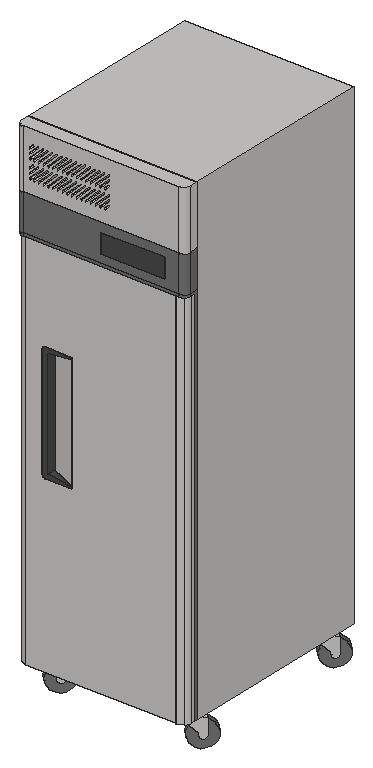
Revit family "QF_Turbo Air_M3R19-13f5e5378-f640-472c-a4c6-fc6b5b241601", category Specialty Equipment, Revit 2012
Parameters (values of type "M3R19-1")
  Width = 25 1/4"
  Weight in Pounds = 194
  Watermarked By = "http://revitwatermark.com"
  Volts = 115 V
  URL Cutsheet = ""
  URL = ""
  Status [instance] = ""
  Specification by User [instance] = ""
  Specification by Manufacturer [instance] = ""
  Serial Number [instance] = ""
  Right Hinge [instance] = not(Left Hinge)  # yes
  Revision Code [instance] = ""
  Phase = 1
  Number of Poles [instance] = 1
  NAFEM Spec ID Number [instance] = ""
  Model = "M3R19-1"
  Masterspec [instance] = ""
  Manufacturer = "Turbo Air"  # constant formula
  Legs [instance] = [6 Inch Legs]  # no
  Left Hinge [instance] = no
  Item Number [instance] = "-"
  Installed By [instance] = ""
  HP = "1/4"
  Furnished By [instance] = ""
  Foodservice Equipment Identifier = yes
  FL Amps = 4.2 A
  Electrical Remarks [instance] = ""
  Electric Connection Type [instance] = ""
  Elec Conn RI Height [instance] = 0"
  Elec Conn Connection Height = 77 7/8"
  Door Width = 23 1/2"
  Door Height = 57 3/8"
  Description = "Refrigerator, Reach-In"
  Depth = 31 1/2"
  Cycle = 60 Hz
  Conn Plug = "NEMA 5-15P"
  Casters [instance] = or([4 Inch Casters], [5 Inch Casters])  # yes
  CasterLeg Height [instance] = if([4 Inch Casters], 5", if([5 Inch Casters], 5 3/4", 6"))  # 5"
  Cabinet Height = 72 1/8"
  CSI MasterFormat = "11 41 13"
  Assembly Code = "E1090320"
  Apparent Power = if(Phase = 1, Volts * FL Amps * 1.73, Volts * FL Amps)  # 835.59 VA
  6 Inch Legs [instance] = no
  5 Inch Casters [instance] = no
  4 Inch Casters [instance] = yes
Reference planes (in)
  plane 1 "BACK": y = 0.75
  plane 2 "BOTTOM": z = 0
  plane 3 "LEFT": x = -21.59155
  plane 4 "RIGHT": x = 3.65845
  plane 5 "FRONT": y = -30.75
  plane 6 "TOP": z = 77.125
  plane 7 "Bottom of Box": z = 5
  plane 8 "Back of Door": y = -28.5
  plane 9 "Bottom of Top Reach-In": z = 62.75
  plane 10: y = 0.5
  plane 11 "Top 2": z = 68.25
  plane 12: z = 62.375
  plane 13: y = -54.25
  plane 14: y = 2.75
  plane 15: x = -18.59155
  plane 16: x = 0.65845
Forms (in)
  Extrusion 1, solid, material "QF_Finishes_Stainless Steel"
    sketch origin (0, 0.75, 0) x (1, 0, 0) y (0, 0, 1)
      loop
        circle (-17.71449, 64.9977) r 0.25
    from 0 to -0.25
  Extrusion 2, solid, material "QF_Finishes_Stainless Steel"
    sketch origin (0, 0.75, 0) x (1, 0, 0) y (0, 0, 1)
      loop
        line (-21.59155, 77.125) -> (-21.59155, 5) -> (3.65845, 5) -> (3.65845, 77.125) -> (-21.59155, 77.125)
      loop
        line (-19.59155, 7) -> (1.65845, 7) -> (1.65845, 75.125) -> (-19.59155, 75.125) -> (-19.59155, 7)
    from 0 to 29.25
  Extrusion 3, solid, material "QF_Finishes_Stainless Steel"
    sketch origin (0, 0.75, 0) x (1, 0, 0) y (0, 0, 1)
      loop
        line (-19.59155, 75.125) -> (-19.59155, 7) -> (1.65845, 7) -> (1.65845, 75.125) -> (-19.59155, 75.125)
    from 0 to 0.25
  Extrusion 4, solid, material "QF_Finishes_Stainless Steel"
    sketch origin (0, 0, 77.125) x (0, 1, 0) y (-1, 0, 0)
      loop
        line (-28.5, 21.59155) -> (-29.75, 21.59155)
        arc (-29.75, 21.59155) -> (-30.45711, 21.29865) -> (-30.75, 20.59155) r 1
        line (-30.75, 20.59155) -> (-30.75, -2.65845)
        arc (-30.75, -2.65845) -> (-30.45711, -3.36556) -> (-29.75, -3.65845) r 1
        line (-29.75, -3.65845) -> (-28.5, -3.65845) -> (-28.5, 21.59155)
    from 0 to -8.875
  Extrusion 5, solid, material "QF_Finishes_Grey"
    sketch origin (0, 0, 68.25) x (-1, 0, 0) y (0, -1, 0)
      loop
        line (21.59155, 28.5) -> (21.59155, 29.75)
        arc (21.59155, 29.75) -> (21.29865, 30.45711) -> (20.59155, 30.75) r 1
        line (20.59155, 30.75) -> (-2.65845, 30.75)
        arc (-2.65845, 30.75) -> (-3.36556, 30.45711) -> (-3.65845, 29.75) r 1
        line (-3.65845, 29.75) -> (-3.65845, 28.5) -> (21.59155, 28.5)
    from 0 to -5.5
  Extrusion 6, void
    sketch origin (0, -28.5, 0) x (1, 0, 0) y (0, 0, 1)
      loop
        line (-8.96655, 66.9375) -> (-8.96655, 64.0625) -> (0.53345, 64.0625) -> (0.53345, 66.9375) -> (-8.96655, 66.9375)
    from 0 to 2.25
  Extrusion 7, solid, material "QF_Finishes_Black"
    sketch origin (0, -28.5, 0) x (1, 0, 0) y (0, 0, 1)
      loop
        line (-8.96655, 66.9375) -> (-8.96655, 64.0625) -> (0.53345, 64.0625) -> (0.53345, 66.9375) -> (-8.96655, 66.9375)
    from 0 to 2.25
  Extrusion 8, void
    sketch origin (0, -28.5, 0) x (1, 0, 0) y (0, 0, 1)
      loop
        arc (-19.56048, 74.65607) -> (-19.55502, 74.48475) -> (-19.3837, 74.47929) r 0.12525
        line (-19.3837, 74.47929) -> (-18.94347, 74.91952)
        arc (-18.94347, 74.91952) -> (-18.95152, 75.08825) -> (-19.12025, 75.09629) r 0.12557
        line (-19.12025, 75.09629) -> (-19.56048, 74.65607)
      loop
        arc (-19.5641, 73.94534) -> (-19.55497, 73.77769) -> (-19.38733, 73.76856) r 0.12574
        line (-19.38733, 73.76856) -> (-18.24395, 74.91194)
        arc (-18.24395, 74.91194) -> (-18.24332, 75.0885) -> (-18.41988, 75.08956) r 0.125
        line (-18.41988, 75.08956) -> (-19.5641, 73.94534)
      loop
        arc (-19.56656, 73.23577) -> (-19.55579, 73.06976) -> (-19.38979, 73.05899) r 0.12606
        line (-19.38979, 73.05899) -> (-17.52426, 74.92452)
        arc (-17.52426, 74.92452) -> (-17.53336, 75.09219) -> (-17.70104, 75.10129) r 0.12574
        line (-17.70104, 75.10129) -> (-19.56656, 73.23577)
      loop
        arc (-18.96014, 73.13509) -> (-18.94768, 72.97076) -> (-18.78336, 72.95831) r 0.12644
        line (-18.78336, 72.95831) -> (-16.82198, 74.9197)
        arc (-16.82198, 74.9197) -> (-16.83187, 75.08658) -> (-16.99875, 75.09647) r 0.12588
        line (-16.99875, 75.09647) -> (-18.96014, 73.13509)
      loop
        arc (-18.25154, 73.13658) -> (-18.24759, 72.96375) -> (-18.07476, 72.95981) r 0.12513
        line (-18.07476, 72.95981) -> (-16.11561, 74.91895)
        arc (-16.11561, 74.91895) -> (-16.12836, 75.08298) -> (-16.29239, 75.09573) r 0.12652
        line (-16.29239, 75.09573) -> (-18.25154, 73.13658)
      loop
        arc (-17.54144, 73.13957) -> (-17.52997, 72.97427) -> (-17.36466, 72.96279) r 0.12621
        line (-17.36466, 72.96279) -> (-15.40203, 74.92543)
        arc (-15.40203, 74.92543) -> (-15.41616, 75.08808) -> (-15.57881, 75.10221) r 0.1269
        line (-15.57881, 75.10221) -> (-17.54144, 73.13957)
      loop
        arc (-16.83033, 73.14358) -> (-16.8182, 72.9668) -> (-16.64143, 72.97892) r 0.12529
        line (-16.64143, 72.97892) -> (-14.69617, 74.92419)
        arc (-14.69617, 74.92419) -> (-14.7091, 75.08803) -> (-14.87294, 75.10096) r 0.12657
        line (-14.87294, 75.10096) -> (-16.83033, 73.14358)
      loop
        arc (-16.12322, 73.14358) -> (-16.11737, 72.97266) -> (-15.94644, 72.9668) r 0.12529
        line (-15.94644, 72.9668) -> (-13.98906, 74.92419)
        arc (-13.98906, 74.92419) -> (-14.00199, 75.08803) -> (-14.16584, 75.10096) r 0.12657
        line (-14.16584, 75.10096) -> (-16.12322, 73.14358)
      loop
        arc (-15.41611, 73.14358) -> (-15.41026, 72.97266) -> (-15.23934, 72.9668) r 0.12529
        line (-15.23934, 72.9668) -> (-13.28195, 74.92419)
        arc (-13.28195, 74.92419) -> (-13.29489, 75.08803) -> (-13.45873, 75.10096) r 0.12657
        line (-13.45873, 75.10096) -> (-15.41611, 73.14358)
      loop
        arc (-14.70901, 73.14358) -> (-14.70315, 72.97266) -> (-14.53223, 72.9668) r 0.12529
        line (-14.53223, 72.9668) -> (-12.57484, 74.92419)
        arc (-12.57484, 74.92419) -> (-12.58778, 75.08803) -> (-12.75162, 75.10096) r 0.12657
        line (-12.75162, 75.10096) -> (-14.70901, 73.14358)
      loop
        arc (-14.0019, 73.14358) -> (-13.99605, 72.97266) -> (-13.82512, 72.9668) r 0.12529
        line (-13.82512, 72.9668) -> (-11.86774, 74.92419)
        arc (-11.86774, 74.92419) -> (-11.88067, 75.08803) -> (-12.04451, 75.10096) r 0.12657
        line (-12.04451, 75.10096) -> (-14.0019, 73.14358)
      loop
        arc (-13.29479, 73.14358) -> (-13.28894, 72.97266) -> (-13.11801, 72.9668) r 0.12529
        line (-13.11801, 72.9668) -> (-11.16063, 74.92419)
        arc (-11.16063, 74.92419) -> (-11.17357, 75.08803) -> (-11.33741, 75.10096) r 0.12657
        line (-11.33741, 75.10096) -> (-13.29479, 73.14358)
      loop
        arc (-12.58768, 73.14358) -> (-12.58183, 72.97266) -> (-12.41091, 72.9668) r 0.12529
        line (-12.41091, 72.9668) -> (-10.45352, 74.92419)
        arc (-10.45352, 74.92419) -> (-10.46646, 75.08803) -> (-10.6303, 75.10096) r 0.12657
        line (-10.6303, 75.10096) -> (-12.58768, 73.14358)
      loop
        arc (-11.88058, 73.14358) -> (-11.87472, 72.97266) -> (-11.7038, 72.9668) r 0.12529
        line (-11.7038, 72.9668) -> (-9.74642, 74.92419)
        arc (-9.74642, 74.92419) -> (-9.75935, 75.08803) -> (-9.92319, 75.10096) r 0.12657
        line (-9.92319, 75.10096) -> (-11.88058, 73.14358)
      loop
        arc (-11.17347, 73.14358) -> (-11.16762, 72.97266) -> (-10.99669, 72.9668) r 0.12529
        line (-10.99669, 72.9668) -> (-9.03931, 74.92419)
        arc (-9.03931, 74.92419) -> (-9.05225, 75.08803) -> (-9.21609, 75.10096) r 0.12657
        line (-9.21609, 75.10096) -> (-11.17347, 73.14358)
      loop
        arc (-10.46636, 73.14358) -> (-10.46051, 72.97266) -> (-10.28959, 72.9668) r 0.12529
        line (-10.28959, 72.9668) -> (-8.3322, 74.92419)
        arc (-8.3322, 74.92419) -> (-8.34514, 75.08803) -> (-8.50898, 75.10096) r 0.12657
        line (-8.50898, 75.10096) -> (-10.46636, 73.14358)
      loop
        arc (-9.75926, 73.14358) -> (-9.7534, 72.97266) -> (-9.58248, 72.9668) r 0.12529
        line (-9.58248, 72.9668) -> (-7.6251, 74.92419)
        arc (-7.6251, 74.92419) -> (-7.63803, 75.08803) -> (-7.80187, 75.10096) r 0.12657
        line (-7.80187, 75.10096) -> (-9.75926, 73.14358)
      loop
        arc (-9.05574, 73.13999) -> (-9.04529, 72.97367) -> (-8.87896, 72.96322) r 0.12599
        line (-8.87896, 72.96322) -> (-7.61765, 74.22453)
        arc (-7.61765, 74.22453) -> (-7.62642, 74.39254) -> (-7.79442, 74.40131) r 0.12568
        line (-7.79442, 74.40131) -> (-9.05574, 73.13999)
      loop
        arc (-8.34863, 73.13999) -> (-8.33818, 72.97367) -> (-8.17185, 72.96322) r 0.12599
        line (-8.17185, 72.96322) -> (-7.61765, 73.51742)
        arc (-7.61765, 73.51742) -> (-7.62642, 73.68543) -> (-7.79442, 73.6942) r 0.12568
        line (-7.79442, 73.6942) -> (-8.34863, 73.13999)
      loop
        arc (-19.56048, 71.96857) -> (-19.55502, 71.79725) -> (-19.3837, 71.79179) r 0.12525
        line (-19.3837, 71.79179) -> (-18.94347, 72.23202)
        arc (-18.94347, 72.23202) -> (-18.95152, 72.40075) -> (-19.12025, 72.40879) r 0.12557
        line (-19.12025, 72.40879) -> (-19.56048, 71.96857)
      loop
        arc (-19.5641, 71.25784) -> (-19.55497, 71.09019) -> (-19.38733, 71.08106) r 0.12574
        line (-19.38733, 71.08106) -> (-18.24395, 72.22444)
        arc (-18.24395, 72.22444) -> (-18.24332, 72.401) -> (-18.41988, 72.40206) r 0.125
        line (-18.41988, 72.40206) -> (-19.5641, 71.25784)
      loop
        arc (-19.56656, 70.54827) -> (-19.55579, 70.38226) -> (-19.38979, 70.37149) r 0.12606
        line (-19.38979, 70.37149) -> (-17.52426, 72.23702)
        arc (-17.52426, 72.23702) -> (-17.53336, 72.40469) -> (-17.70104, 72.41379) r 0.12574
        line (-17.70104, 72.41379) -> (-19.56656, 70.54827)
      loop
        arc (-18.96014, 70.44759) -> (-18.94768, 70.28326) -> (-18.78336, 70.27081) r 0.12644
        line (-18.78336, 70.27081) -> (-16.82198, 72.2322)
        arc (-16.82198, 72.2322) -> (-16.83187, 72.39908) -> (-16.99875, 72.40897) r 0.12588
        line (-16.99875, 72.40897) -> (-18.96014, 70.44759)
      loop
        arc (-18.25154, 70.44908) -> (-18.24759, 70.27625) -> (-18.07476, 70.27231) r 0.12513
        line (-18.07476, 70.27231) -> (-16.11561, 72.23145)
        arc (-16.11561, 72.23145) -> (-16.12836, 72.39548) -> (-16.29239, 72.40823) r 0.12652
        line (-16.29239, 72.40823) -> (-18.25154, 70.44908)
      loop
        arc (-17.54144, 70.45207) -> (-17.52997, 70.28677) -> (-17.36466, 70.27529) r 0.12621
        line (-17.36466, 70.27529) -> (-15.40203, 72.23793)
        arc (-15.40203, 72.23793) -> (-15.41616, 72.40058) -> (-15.57881, 72.41471) r 0.1269
        line (-15.57881, 72.41471) -> (-17.54144, 70.45207)
      loop
        arc (-16.83033, 70.45608) -> (-16.8182, 70.2793) -> (-16.64143, 70.29142) r 0.12529
        line (-16.64143, 70.29142) -> (-14.69617, 72.23669)
        arc (-14.69617, 72.23669) -> (-14.7091, 72.40053) -> (-14.87294, 72.41346) r 0.12657
        line (-14.87294, 72.41346) -> (-16.83033, 70.45608)
      loop
        arc (-16.12322, 70.45608) -> (-16.11737, 70.28516) -> (-15.94644, 70.2793) r 0.12529
        line (-15.94644, 70.2793) -> (-13.98906, 72.23669)
        arc (-13.98906, 72.23669) -> (-14.00199, 72.40053) -> (-14.16584, 72.41346) r 0.12657
        line (-14.16584, 72.41346) -> (-16.12322, 70.45608)
      loop
        arc (-15.41611, 70.45608) -> (-15.41026, 70.28516) -> (-15.23934, 70.2793) r 0.12529
        line (-15.23934, 70.2793) -> (-13.28195, 72.23669)
        arc (-13.28195, 72.23669) -> (-13.29489, 72.40053) -> (-13.45873, 72.41346) r 0.12657
        line (-13.45873, 72.41346) -> (-15.41611, 70.45608)
      loop
        arc (-14.70901, 70.45608) -> (-14.70315, 70.28516) -> (-14.53223, 70.2793) r 0.12529
        line (-14.53223, 70.2793) -> (-12.57484, 72.23669)
        arc (-12.57484, 72.23669) -> (-12.58778, 72.40053) -> (-12.75162, 72.41346) r 0.12657
        line (-12.75162, 72.41346) -> (-14.70901, 70.45608)
      loop
        arc (-14.0019, 70.45608) -> (-13.99605, 70.28516) -> (-13.82512, 70.2793) r 0.12529
        line (-13.82512, 70.2793) -> (-11.86774, 72.23669)
        arc (-11.86774, 72.23669) -> (-11.88067, 72.40053) -> (-12.04451, 72.41346) r 0.12657
        line (-12.04451, 72.41346) -> (-14.0019, 70.45608)
      loop
        arc (-13.29479, 70.45608) -> (-13.28894, 70.28516) -> (-13.11801, 70.2793) r 0.12529
        line (-13.11801, 70.2793) -> (-11.16063, 72.23669)
        arc (-11.16063, 72.23669) -> (-11.17357, 72.40053) -> (-11.33741, 72.41346) r 0.12657
        line (-11.33741, 72.41346) -> (-13.29479, 70.45608)
      loop
        arc (-12.58768, 70.45608) -> (-12.58183, 70.28516) -> (-12.41091, 70.2793) r 0.12529
        line (-12.41091, 70.2793) -> (-10.45352, 72.23669)
        arc (-10.45352, 72.23669) -> (-10.46646, 72.40053) -> (-10.6303, 72.41346) r 0.12657
        line (-10.6303, 72.41346) -> (-12.58768, 70.45608)
      loop
        arc (-11.88058, 70.45608) -> (-11.87472, 70.28516) -> (-11.7038, 70.2793) r 0.12529
        line (-11.7038, 70.2793) -> (-9.74642, 72.23669)
        arc (-9.74642, 72.23669) -> (-9.75935, 72.40053) -> (-9.92319, 72.41346) r 0.12657
        line (-9.92319, 72.41346) -> (-11.88058, 70.45608)
      loop
        arc (-11.17347, 70.45608) -> (-11.16762, 70.28516) -> (-10.99669, 70.2793) r 0.12529
        line (-10.99669, 70.2793) -> (-9.03931, 72.23669)
        arc (-9.03931, 72.23669) -> (-9.05225, 72.40053) -> (-9.21609, 72.41346) r 0.12657
        line (-9.21609, 72.41346) -> (-11.17347, 70.45608)
      loop
        arc (-10.46636, 70.45608) -> (-10.46051, 70.28516) -> (-10.28959, 70.2793) r 0.12529
        line (-10.28959, 70.2793) -> (-8.3322, 72.23669)
        arc (-8.3322, 72.23669) -> (-8.34514, 72.40053) -> (-8.50898, 72.41346) r 0.12657
        line (-8.50898, 72.41346) -> (-10.46636, 70.45608)
      loop
        arc (-9.75926, 70.45608) -> (-9.7534, 70.28516) -> (-9.58248, 70.2793) r 0.12529
        line (-9.58248, 70.2793) -> (-7.6251, 72.23669)
        arc (-7.6251, 72.23669) -> (-7.63803, 72.40053) -> (-7.80187, 72.41346) r 0.12657
        line (-7.80187, 72.41346) -> (-9.75926, 70.45608)
      loop
        arc (-9.05574, 70.45249) -> (-9.04529, 70.28617) -> (-8.87896, 70.27572) r 0.12599
        line (-8.87896, 70.27572) -> (-7.61765, 71.53703)
        arc (-7.61765, 71.53703) -> (-7.62642, 71.70504) -> (-7.79442, 71.71381) r 0.12568
        line (-7.79442, 71.71381) -> (-9.05574, 70.45249)
      loop
        arc (-8.34863, 70.45249) -> (-8.33818, 70.28617) -> (-8.17185, 70.27572) r 0.12599
        line (-8.17185, 70.27572) -> (-7.61765, 70.82992)
        arc (-7.61765, 70.82992) -> (-7.62642, 70.99793) -> (-7.79442, 71.0067) r 0.12568
        line (-7.79442, 71.0067) -> (-8.34863, 70.45249)
    from 0 to 2.25
  Extrusion 9, solid, material "QF_Finishes_Rubber Black"
    sketch origin (0, -28.5, 0) x (1, 0, 0) y (0, 0, 1)
      loop
        line (-21.59155, 62.375) -> (-21.59155, 5) -> (3.65845, 5) -> (3.65845, 62.375) -> (-21.59155, 62.375)
    from 0 to 0.4375
  Extrusion 10, solid, material "QF_Finishes_Rubber Black"
    sketch origin (0, 0, 62.75) x (0, 1, 0) y (-1, 0, 0)
      loop
        line (-28.5, 21.59155) -> (-29.75, 21.59155)
        arc (-29.75, 21.59155) -> (-30.45711, 21.29865) -> (-30.75, 20.59155) r 1
        line (-30.75, 20.59155) -> (-30.75, -2.65845)
        arc (-30.75, -2.65845) -> (-30.45711, -3.36556) -> (-29.75, -3.65845) r 1
        line (-29.75, -3.65845) -> (-28.5, -3.65845) -> (-28.5, 21.59155)
    from 0 to -0.375
  Extrusion 11, solid, material "QF_Finishes_Polished Steel"
    sketch origin (-21.59155, 0, 0) x (0, 1, 0) y (0, 0, 1)
      loop
        line (0.75, 69.98017) -> (0.75, 53.73017) -> (2.75, 55.48017) -> (2.75, 68.23017) -> (0.75, 69.98017)
    from 3 to 22.25
Cuts and joins
  joined: Extrusion 2, Extrusion 3
  Extrusion 6 cuts Extrusion 5
  Extrusion 8 cuts Extrusion 4
  joined: Extrusion 9, Extrusion 10
Lines and regions (in)
  symbolic lines
    curve 1: line (3.65845, 0.75, 6.25) -> (-21.59155, 0.75, 6.25)
    curve 2: line (-21.59155, 0.75, 6.25) -> (-21.59155, -28.5, 6.25)
    curve 3: line (3.65845, -28.5, 6.25) -> (3.65845, 0.75, 6.25)
    curve 4: line (3.65845, -29.75, 6.25) -> (3.65845, -28.5, 6.25)
    curve 5: arc (3.65845, -29.75, 6.25) -> (3.36556, -30.45711, 6.25) -> (2.65845, -30.75, 6.25) r 1
    curve 6: line (-20.59155, -30.75, 6.25) -> (2.65845, -30.75, 6.25)
    curve 7: arc (-20.59155, -30.75, 6.25) -> (-21.29865, -30.45711, 6.25) -> (-21.59155, -29.75, 6.25) r 1
    curve 8: line (-21.59155, -28.5, 6.25) -> (-21.59155, -29.75, 6.25)
    curve 15: line (-18.59155, 0.75, 62.75) -> (-18.59155, 2.75, 62.75)
    curve 16: line (-18.59155, 2.75, 62.75) -> (0.65845, 2.75, 62.75)
    curve 17: line (0.65845, 2.75, 62.75) -> (0.65845, 0.75, 62.75)
  symbolic lines, style "QF_Surface Details"
    curve 9: line (-21.59155, -28.5, 6.25) -> (3.65845, -28.5, 6.25)
  symbolic lines, style "QF_Clearances", visible <- "Right Hinge", detail levels coarse
    curve 10: line (3.65845, -30.75, 62.75) -> (3.65845, -54.25, 62.75)
    curve 12: arc (3.65845, -54.25, 62.75) -> (-13.15313, -46.99836, 62.75) -> (-21.59155, -30.75, 62.75) r 27.27488
  symbolic lines, style "QF_Clearances", detail levels medium+fine
    curve 11: line (3.65845, -30.75, 62.75) -> (-21.59155, -30.75, 62.75)
  symbolic lines, style "QF_Clearances", visible <- "Left Hinge", detail levels coarse
    curve 13: line (-21.59155, -30.75, 62.75) -> (-21.59155, -54.25, 62.75)
    curve 14: arc (-21.59155, -54.25, 62.75) -> (-4.77996, -46.99836, 62.75) -> (3.65845, -30.75, 62.75) r 27.27488
Dimensions and locks (in)
  "Width": plane 4 "RIGHT" to plane 3 "LEFT"
  "Depth": plane 5 "FRONT" to plane 1 "BACK"
  "CasterLeg Height": plane 7 "Bottom of Box" to level
  locked: plane 3 "LEFT" to nested 1 at 2
  locked: nested 1 to plane 1 "BACK" at 3
  locked: nested 2 to plane 4 "RIGHT" at 2
  locked: nested 2 to plane 1 "BACK" at 3
  locked: plane 3 "LEFT" to nested 3 at 2
  locked: nested 4 to plane 4 "RIGHT" at 2
  "Cabinet Height": plane 6 "TOP" to plane 7 "Bottom of Box"
  locked: Extrusion 2 sketch curve to Extrusion 2 sketch curve at 2  (x4)
  locked: plane 5 "FRONT" to nested 3 at 3.75
  locked: plane 5 "FRONT" to nested 4 at 3.75
  locked: Extrusion 6 sketch curve to plane 4 "RIGHT" at 3.125
  locked: Extrusion 6 sketch curve to Extrusion 6 sketch curve at 9.5
  locked: Extrusion 7 sketch curve to plane 4 "RIGHT" at 3.125
  locked: Extrusion 7 sketch curve to Extrusion 7 sketch curve at 9.5
  locked: plane 11 "Top 2" to Extrusion 7 sketch curve at 1.3125
  locked: Extrusion 7 sketch curve to plane 9 "Bottom of Top Reach-In" at 1.3125
  locked: plane 11 "Top 2" to Extrusion 6 sketch curve at 1.3125
  locked: Extrusion 6 sketch curve to plane 9 "Bottom of Top Reach-In" at 1.3125
  locked: plane 6 "TOP" to plane 11 "Top 2" at 8.875
  locked: plane 9 "Bottom of Top Reach-In" to plane 12 at 0.375
  "Door Height": plane 12 to plane 7 "Bottom of Box"
  "Door Width": plane 13 to plane 5 "FRONT"
  locked: plane 5 "FRONT" to plane 8 "Back of Door" at 2.25
  locked: plane 10 to plane 1 "BACK" at 0.25
  locked: plane 3 "LEFT" to plane 15 at 3
  locked: plane 16 to plane 4 "RIGHT" at 3
  locked: plane 14 to plane 1 "BACK" at 2
  aligned and locked: level to plane 2 "BOTTOM"
  aligned and locked: Extrusion 2 sketch curve to plane 4 "RIGHT"
  aligned and locked: plane 10 to Extrusion 3
  aligned and locked: plane 8 "Back of Door" to Extrusion 2
  aligned and locked: Extrusion 3 sketch curve to Extrusion 2  (x2)
  aligned and locked: Extrusion 2 to Extrusion 3 sketch curve
  aligned and locked: Extrusion 4 sketch curve to curve 9
  aligned and locked: Extrusion 4 sketch curve to curve 2
  aligned and locked: Extrusion 4 sketch curve to plane 5 "FRONT"
  aligned and locked: Extrusion 4 sketch curve to plane 4 "RIGHT"
  aligned and locked: Extrusion 5 sketch curve to curve 9
  aligned and locked: Extrusion 5 sketch curve to curve 2
  aligned and locked: Extrusion 5 sketch curve to plane 5 "FRONT"
  aligned and locked: Extrusion 5 sketch curve to plane 4 "RIGHT"
  aligned and locked: Extrusion 5 to plane 9 "Bottom of Top Reach-In"
  aligned and locked: plane 5 "FRONT" to Extrusion 6
  aligned and locked: plane 5 "FRONT" to Extrusion 7
  aligned and locked: plane 7 "Bottom of Box" to Extrusion 2 sketch curve
  aligned and locked: Extrusion 3 sketch curve to cut or joined group of Extrusion 2, Extrusion 3
  aligned and locked: Extrusion 4 to plane 11 "Top 2"
  aligned and locked: plane 5 "FRONT" to Extrusion 8
  aligned and locked: nested 5 to plane 7 "Bottom of Box"
  aligned and locked: Extrusion 9 sketch curve to nested 5
  aligned and locked: Extrusion 9 sketch curve to cut or joined group of Extrusion 2, Extrusion 3
  aligned and locked: Extrusion 9 sketch curve to plane 12
  aligned and locked: Extrusion 10 sketch curve to curve 9
  aligned and locked: Extrusion 10 sketch curve to curve 2
  aligned and locked: Extrusion 10 sketch curve to nested 5  (x2)
  aligned and locked: Extrusion 10 to plane 12
  aligned and locked: plane 5 "FRONT" to nested 5  (x2)
  aligned and locked: Extrusion 9 to nested 5
  aligned and locked: curve 10 to plane 4 "RIGHT"
  aligned and locked: plane 7 "Bottom of Box" to nested 6
  aligned and locked: nested 6 to plane 12
  aligned and locked: plane 4 "RIGHT" to nested 6
  aligned and locked: plane 3 "LEFT" to nested 5
  aligned and locked: plane 13 to curve 14
  aligned and locked: plane 13 to curve 12
  aligned and locked: plane 1 "BACK" to Extrusion 11 sketch curve
  aligned and locked: plane 16 to Extrusion 11
  aligned and locked: Extrusion 11 to plane 15
Automatic sketch dimensions
  Extrusion 2 sketch curve to plane 3 "LEFT" = 0"
  Extrusion 2 sketch curve to plane 6 "TOP" = 0"
  plane 5 "FRONT" to curve 7 = 0"
  curve 8 to plane 3 "LEFT" = 0"
  curve 4 to plane 4 "RIGHT" = 0"
  plane 8 "Back of Door" to curve 8 = 0"
  plane 1 "BACK" to curve 2 = 0"
  plane 3 "LEFT" to curve 7 = 1"
  curve 4 to plane 5 "FRONT" = 1"
  plane 3 "LEFT" to Extrusion 1 sketch curve = 3.87706"
  plane 9 "Bottom of Top Reach-In" to Extrusion 1 sketch curve = 2.2477"
  Extrusion 4 sketch curve to plane 5 "FRONT" = 1"  (x2)
  Extrusion 5 sketch curve to plane 4 "RIGHT" = 1"
  plane 3 "LEFT" to Extrusion 5 sketch curve = 1"
  plane 3 "LEFT" to Extrusion 8 sketch curve = 2.02498"  (x2)
  Extrusion 8 sketch curve to Extrusion 8 sketch curve = 0.00246"  (x2)
  Extrusion 8 sketch curve to Extrusion 8 sketch curve = 0.00362"  (x2)
  Extrusion 8 sketch curve to Extrusion 8 sketch curve = 0.0999"  (x4)
  Extrusion 8 sketch curve to Extrusion 8 sketch curve = 0.09403"  (x4)
  Extrusion 8 sketch curve to Extrusion 8 sketch curve = 0.09804"  (x4)
  Extrusion 8 sketch curve to Extrusion 8 sketch curve = 0.07687"  (x2)
  Extrusion 8 sketch curve to Extrusion 8 sketch curve = 0.07873"  (x2)
  Extrusion 8 sketch curve to Extrusion 8 sketch curve = 0.08275"  (x2)
  Extrusion 8 sketch curve to Extrusion 8 sketch curve = 0.44023"  (x4)
  Extrusion 8 sketch curve to Extrusion 8 sketch curve = 0.07994"  (x4)
  Extrusion 8 sketch curve to Extrusion 8 sketch curve = 0.42965"  (x2)
  Extrusion 8 sketch curve to Extrusion 8 sketch curve = 0.09684"  (x2)
  Extrusion 8 sketch curve to Extrusion 8 sketch curve = 0.10186"  (x4)
  Extrusion 8 sketch curve to Extrusion 8 sketch curve = 0.07491"  (x2)
  Extrusion 8 sketch curve to Extrusion 8 sketch curve = 0.5236"  (x2)
  Extrusion 8 sketch curve to Extrusion 8 sketch curve = 0.08775"  (x2)
  Extrusion 8 sketch curve to Extrusion 8 sketch curve = 0.53182"  (x2)
  Extrusion 8 sketch curve to Extrusion 8 sketch curve = 0.08818"  (x2)
  Extrusion 8 sketch curve to Extrusion 8 sketch curve = 0.09243"  (x4)
  plane 11 "Top 2" to Extrusion 8 sketch curve = 2.02231"
  Extrusion 8 sketch curve to Extrusion 8 sketch curve = 0.08435"  (x2)
  Extrusion 8 sketch curve to Extrusion 8 sketch curve = 0.54291"  (x2)
  Extrusion 8 sketch curve to Extrusion 8 sketch curve = 0.07876"  (x4)
  Extrusion 8 sketch curve to Extrusion 8 sketch curve = 0.53332"  (x2)
  Extrusion 8 sketch curve to Extrusion 8 sketch curve = 0.09801"  (x2)
  Extrusion 8 sketch curve to plane 6 "TOP" = 2.20048"
  Extrusion 8 sketch curve to Extrusion 8 sketch curve = 0.10072"  (x4)
  plane 11 "Top 2" to Extrusion 8 sketch curve = 2.02529"
  Extrusion 8 sketch curve to Extrusion 8 sketch curve = 0.07606"  (x2)
  Extrusion 8 sketch curve to Extrusion 8 sketch curve = 0.52551"  (x2)
  Extrusion 8 sketch curve to Extrusion 8 sketch curve = 0.07787"  (x4)
  Extrusion 8 sketch curve to Extrusion 8 sketch curve = 0.53434"  (x2)
  plane 11 "Top 2" to Extrusion 8 sketch curve = 2.20608"  (x5)
  Extrusion 8 sketch curve to Extrusion 8 sketch curve = 0.09891"  (x2)
  Extrusion 8 sketch curve to Extrusion 8 sketch curve = 0.09445"  (x36)
  plane 11 "Top 2" to Extrusion 8 sketch curve = 2.04142"
  Extrusion 8 sketch curve to Extrusion 8 sketch curve = 0.52958"  (x2)
  Extrusion 8 sketch curve to plane 6 "TOP" = 2.02927"
  Extrusion 8 sketch curve to Extrusion 8 sketch curve = 0.07457"  (x3)
  Extrusion 8 sketch curve to Extrusion 8 sketch curve = 0.51821"  (x2)
  Extrusion 8 sketch curve to plane 6 "TOP" = 2.20605"
  Extrusion 8 sketch curve to Extrusion 8 sketch curve = 0.10221"  (x2)
  plane 11 "Top 2" to Extrusion 8 sketch curve = 2.0293"  (x6)
  Extrusion 8 sketch curve to Extrusion 8 sketch curve = 0.08233"  (x21)
  Extrusion 8 sketch curve to Extrusion 8 sketch curve = 0.53681"  (x2)
  Extrusion 8 sketch curve to plane 6 "TOP" = 2.02279"
  Extrusion 8 sketch curve to Extrusion 8 sketch curve = 0.07291"  (x3)
  Extrusion 8 sketch curve to Extrusion 8 sketch curve = 0.53033"  (x40)
  Extrusion 8 sketch curve to Extrusion 8 sketch curve = 0.10386"  (x2)
  plane 11 "Top 2" to Extrusion 8 sketch curve = 3.98793"
  Extrusion 8 sketch curve to plane 6 "TOP" = 4.1582"  (x7)
  Extrusion 8 sketch curve to Extrusion 8 sketch curve = 0.52909"  (x2)
  Extrusion 8 sketch curve to Extrusion 8 sketch curve = 0.07434"  (x38)
  Extrusion 8 sketch curve to plane 6 "TOP" = 2.20081"  (x6)
  Extrusion 8 sketch curve to Extrusion 8 sketch curve = 0.10243"  (x22)
  Extrusion 8 sketch curve to plane 6 "TOP" = 2.02404"  (x4)
  Extrusion 8 sketch curve to plane 6 "TOP" = 3.98142"  (x4)
  plane 11 "Top 2" to Extrusion 8 sketch curve = 3.98669"  (x5)
  plane 11 "Top 2" to Extrusion 8 sketch curve = 4.16346"  (x2)
  Extrusion 8 sketch curve to plane 6 "TOP" = 3.98501"  (x2)
  Extrusion 8 sketch curve to Extrusion 8 sketch curve = 0.52674"  (x2)
  plane 11 "Top 2" to Extrusion 8 sketch curve = 2.20249"  (x2)
  Extrusion 8 sketch curve to Extrusion 8 sketch curve = 0.09954"  (x4)
  Extrusion 8 sketch curve to Extrusion 8 sketch curve = 0.07724"  (x4)
  Extrusion 8 sketch curve to Extrusion 8 sketch curve = 0.00745"  (x2)
  plane 11 "Top 2" to Extrusion 8 sketch curve = 3.46381"
  Extrusion 8 sketch curve to Extrusion 8 sketch curve = 0"  (x9)
  Extrusion 8 sketch curve to Extrusion 8 sketch curve = 0.07914"  (x7)
  Extrusion 8 sketch curve to Extrusion 8 sketch curve = 25/256"  (x4)
  plane 11 "Top 2" to Extrusion 8 sketch curve = 3.28703"
  plane 11 "Top 2" to Extrusion 8 sketch curve = 2.57992"
  Extrusion 8 sketch curve to plane 6 "TOP" = 2.90047"
  Extrusion 8 sketch curve to Extrusion 8 sketch curve = 0.00149"
  Extrusion 8 sketch curve to Extrusion 8 sketch curve = 0.17678"  (x13)
  Extrusion 8 sketch curve to Extrusion 8 sketch curve = 0.10068"  (x2)
  Extrusion 8 sketch curve to Extrusion 8 sketch curve = 0.53279"  (x2)
  Extrusion 8 sketch curve to Extrusion 8 sketch curve = 0.53395"  (x2)
  Extrusion 8 sketch curve to Extrusion 8 sketch curve = 0.43265"
  Extrusion 8 sketch curve to Extrusion 8 sketch curve = 0.00648"
  Extrusion 8 sketch curve to Extrusion 8 sketch curve = 0.00075"
  Extrusion 8 sketch curve to Extrusion 8 sketch curve = 0.52288"
  Extrusion 8 sketch curve to Extrusion 8 sketch curve = 0.00124"
  Extrusion 8 sketch curve to Extrusion 8 sketch curve = 0.00482"
  Extrusion 8 sketch curve to Extrusion 8 sketch curve = 0.0886"  (x2)
  Extrusion 8 sketch curve to Extrusion 8 sketch curve = 0.54952"
  Extrusion 8 sketch curve to Extrusion 8 sketch curve = 0.55775"
  Extrusion 8 sketch curve to Extrusion 8 sketch curve = 0.549"
  Extrusion 8 sketch curve to Extrusion 8 sketch curve = 143/256"
  Extrusion 8 sketch curve to Extrusion 8 sketch curve = 0.5707"
  Extrusion 8 sketch curve to Extrusion 8 sketch curve = 0.70711"
  Extrusion 8 sketch curve to Extrusion 8 sketch curve = 0.01258"
  Extrusion 8 sketch curve to Extrusion 8 sketch curve = 0.17603"
  Extrusion 9 sketch curve to plane 7 "Bottom of Box" = 0"
  Extrusion 10 sketch curve to plane 5 "FRONT" = 1"  (x2)
  Extrusion 11 sketch curve to plane 14 = 0"
  Extrusion 11 sketch curve to plane 12 = 8.64483"
  Extrusion 11 sketch curve to Extrusion 11 sketch curve = 1 3/4"
  Extrusion 11 sketch curve to plane 11 "Top 2" = 0.01983"
  plane 11 "Top 2" to Extrusion 11 sketch curve = 1.73017"
  plane 5 "FRONT" to curve 11 = 0"
  plane 1 "BACK" to curve 17 = 0"
  plane 1 "BACK" to curve 15 = 0"
  plane 14 to curve 16 = 0"
  curve 16 to plane 16 = 0"
  curve 16 to plane 15 = 0"
  curve 13 to plane 3 "LEFT" = 0"
  curve 12 to plane 8 "Back of Door" = 1.46737"
  curve 14 to plane 8 "Back of Door" = 1.46737"
  radius of Extrusion 1 sketch curve = 1/4"
Nested families (in)
  nested 1: "FESCasterLeg" at (-19.59155, -2.25, 0), Height <- "CasterLeg Height", Legs <- "Legs", Casters <- "Casters", type "FESCasterLeg"
    with Legs no, Height 5", Casters yes, Caster Radius 2"
  nested 2: "FESCasterLeg" at (1.65845, -2.25, 0), Height <- "CasterLeg Height", Legs <- "Legs", Casters <- "Casters", type "FESCasterLeg"
    with Legs no, Height 5", Casters yes, Caster Radius 2"
  nested 3: "FESCasterLeg" at (-19.59155, -27, 0), Height <- "CasterLeg Height", Legs <- "Legs", Casters <- "Casters", type "FESCasterLeg"
    with Legs no, Height 5", Casters yes, Caster Radius 2"
  nested 4: "FESCasterLeg" at (1.65845, -27, 0), Height <- "CasterLeg Height", Legs <- "Legs", Casters <- "Casters", type "FESCasterLeg"
    with Legs no, Height 5", Casters yes, Caster Radius 2"
  nested 5: "QF_Turbo Air_RI_M3-Door" at (-6.41488, -28.9375, 5), Width <- "Width", Height <- "Door Height", visible <- "Right Hinge", type "QF_Turbo Air_RI_M3-Door"
    with Width 25 1/4", Symbolic Lines yes, Height 57 3/8", Handle Height 17 11/16", Handle Center Height 34 13/16", Depth 1 13/16"
  nested 6: "QF_Turbo Air_RI_M3-Door" at (-11.51821, -28.95729, 5) x (-1, 0, 0) z (0, 0, 1), Width <- "Width", Height <- "Door Height", visible <- "Left Hinge", type "QF_Turbo Air_RI_M3-Door"
    with Width 25 1/4", Symbolic Lines yes, Height 57 3/8", Handle Height 17 11/16", Handle Center Height 34 13/16", Depth 1 13/16"
Connectors (in)
  electrical at (-17.71449, 1, 64.9977), driven by "Number of Poles", driven by "Volts", driven by "Apparent Power"
    settings: on Extrusion 1, index 1, voltage 115 V, apparent load 835.59 VA, apparent load phase1 0 VA, apparent load phase2 0 VA, apparent load phase3 0 VA, power factor 1, load classification "Other", number of poles 1, system type 30, power factor state 1, is connector primary yes, connector utility no, sub classification motor no, connector description "ELECTRIC"
Definition of nested family "FESCasterLeg"
  Parameters (values of type "FESCasterLeg")
    Watermarked By = "http://revitwatermark.com"
    Type Comments = "⍁⍉⌁⌀⏭⎽⌇⍠⌜⍉⎖⌥⌦⌯⍭⏊⍻⍿⍊⏵⍊⏗⏠⍴⎡⌈⎀⍠⌓⌤⏘⎐⍀⌐⏬⏁⎈⏍⏦⎒⏬⌝⍩⍇⌣〈⎫〉⎁⏊⍥⍖⍥⍝⍦⌖⍀⏌⏭⎝⎼⏷⏞⍻⏯⎽⏷⏞⍻⏯⎽⏷⎺⌻⎝⍎⌧⏷⏟⏿⌿⍜⍦⍤⌁⍬⏶⏎⍊⏚⏉⎞⌡⎀⎪⏈⌟⌿⍾⍼⌟⌿⌢⌞⏜⏝⎽⍷⍷⍯⍧⍷⌯⍽⏸⏨⏾⏎⌣⏺⍹⏼⏅⎏⌽⎫⎪⍙⎓⏗⎗⏅⌴⍏⍏⍿⏑⎺⍘⌭⏲⍥⎛⎾⎾⍞⍌⎪⎲⌙⎥⏏⎟⎟⏼⏘⎏⎝⏧⏍⏁⍏⍧⏯⏾⌟"
    Legs [instance] = yes
    Height [instance] = 6"
    Caster Radius [instance] = if(Height < 3", 1", (Height / 2) - 1/2")  # 2 1/2"
    Casters [instance] = yes
    Assembly Code = ""
  Reference planes (in)
    plane 1 "Center (Front/Back)": y = 0
    plane 2: z = 0
    plane 3 "Center (Left/Right)": x = 0
    plane 4: z = 6
    plane 5: z = 5.5
  Forms (in)
    Extrusion 1, solid, material "QF_Finishes_Stainless Steel", visible <- "Casters"
      sketch origin (-24.12131, -22.88887, 10.18833) x (0.707107, 0.707107, 0) y (0, 0, 1)
        loop
          line (34.98772, -7.68833) -> (34.98772, -4.93833) -> (34.48772, -4.93833) -> (34.39402, -4.68833) -> (32.39402, -4.68833) -> (32.39402, -5.43833) -> (33.98772, -7.34206) -> (33.98772, -7.68833)
          arc (33.98772, -7.68833) -> (34.48772, -8.18833) -> (34.98772, -7.68833) r 0.5
      from 0 to 1.75
    Extrusion 2, solid, material "QF_Finishes_Rubber Black", visible <- "Casters"
      sketch origin (-24.32327, -23.09083, 13.31461) x (0.707107, 0.707107, 0) y (0, 0, 1)
        loop
          circle (34.77334, -10.81461) r 2.5
      from 0.375 to 1.375
    Extrusion 3, solid, material "QF_Finishes_Stainless Steel", visible <- "Casters"
      sketch origin (-7.24148, -8.48391, 0) x (0.707107, 0.707107, 0) y (0, 0, 1)
        loop
          line (10.61603, 5.5) -> (11.61603, 5.5) -> (11.61603, 6) -> (10.61603, 6) -> (10.61603, 5.5)
      from 0 to -1.75
    Blend 4, solid, material "QF_Finishes_Stainless Steel", visible <- "Legs"
      base sketch origin (0, 0, 0) x (1, 0, 0) y (0, 1, 0)
        loop
          circle (0, 0) r 0.5
      top sketch origin (0, 0, 0) x (1, 0, 0) y (0, 1, 0)
        loop
          circle (0, 0) r 1
      from 0 to 6 <- "Height"
  Lines and regions (in)
    symbolic lines, style "QF_Hidden Details", visible <- "Casters", built-in parameter 1006206 <- "Casters"
      curve 1: line (-1.26158, -0.51911, 0) -> (1.39007, 2.13254, 0)
      curve 2: line (-0.53429, -1.24639, 0) -> (2.11736, 1.40526, 0)
    symbolic lines, style "QF_Hidden Details", built-in parameter 1006206 <- "Casters", visible <- "Casters"
      curve 3: line (-1.26158, -0.51911, 0) -> (1.39007, 2.13254, 0)
      curve 4: line (-0.53429, -1.24639, 0) -> (2.11736, 1.40526, 0)
  Dimensions and locks (in)
    locked: plane 4 to plane 5 at 0.5
    "Height": plane 4 to level
    "Caster Radius": Extrusion 2 sketch curve to level
    "Caster Radius": Extrusion 1 sketch curve to level
    "Caster Radius": radius of Extrusion 2 sketch curve
    aligned and locked: plane 2 to level
    aligned: Blend 4 to Extrusion 3
    aligned and locked: plane 4 to Blend 4
    aligned and locked: Extrusion 3 to plane 5
    aligned and locked: plane 4 to Extrusion 3
    aligned and locked: plane 5 to Extrusion 1
  Automatic sketch dimensions
    plane 1 "Center (Front/Back)" to curve 3 = 0.51911"
    curve 3 to plane 3 "Center (Left/Right)" = 1.26158"
    plane 1 "Center (Front/Back)" to curve 1 = 0.51911"
    curve 1 to curve 3 = 0"  (x3)
    curve 4 to plane 3 "Center (Left/Right)" = 0.53429"
    curve 2 to curve 4 = 0"  (x2)
    plane 3 "Center (Left/Right)" to curve 3 = 1.39007"
    curve 1 to curve 4 = 0.72729"
    curve 2 to curve 1 = 0.72729"
    curve 4 to curve 2 = 0"  (x2)
    curve 2 to plane 1 "Center (Front/Back)" = 1.40526"
    curve 2 to curve 3 = 0.72729"
    plane 5 to Extrusion 1 sketch curve = 0"
    Extrusion 1 sketch curve to Extrusion 1 sketch curve = 1.5937"
    Extrusion 1 sketch curve to Extrusion 1 sketch curve = 2"
    Extrusion 1 sketch curve to Extrusion 1 sketch curve = 0.0937"
    Extrusion 1 sketch curve to Extrusion 1 sketch curve = 1/2"
    Extrusion 1 sketch curve to Extrusion 1 sketch curve = 0.34627"
    Extrusion 1 sketch curve to plane 5 = 3/4"
    Extrusion 1 sketch curve to plane 5 = 1/4"
    Extrusion 3 sketch curve to plane 5 = 0"
    plane 4 to Extrusion 3 sketch curve = 0"
    Extrusion 3 sketch curve to Extrusion 3 sketch curve = 1"
    plane 1 "Center (Front/Back)" to Blend 4 sketch curve = 0"  (x2)
    Blend 4 sketch curve to plane 3 "Center (Left/Right)" = 0"  (x2)
    radius of Blend 4 sketch curve = 1/2"
    radius of Blend 4 sketch curve = 1"
Definition of nested family "QF_Turbo Air_RI_M3-Door"
  Parameters (values of type "QF_Turbo Air_RI_M3-Door")
    Width [instance] = 28 3/4"
    Watermarked By = "http://revitwatermark.com"
    Symbolic Lines [instance] = yes
    Manufacturer = "Turbo Air"  # constant formula
    Height [instance] = 63 1/4"
    Handle Height [instance] = 17 11/16"
    Handle Center Height [instance] = 34 13/16"
    Depth [instance] = 1 13/16"
  Reference planes (in)
    plane 1 "BACK": y = 0
    plane 2: z = 0
    plane 3 "LEFT": x = -15.17667
    plane 4: x = 13.57333
    plane 5 "FRONT": y = -1.8125
    plane 6: z = 63.25
    plane 7 "Top of Handle": z = 43.65625
    plane 8 "Bottom of Handle": z = 25.96875
    plane 9 "Center of Handle": z = 34.8125
    plane 10 "Left of Handle": x = -11.36417
    plane 11 "Right of Handle": x = -6.86417
  Forms (in)
    Extrusion 1, solid, material "QF_Finishes_Stainless Steel"
      sketch origin (0, 0, 0) x (1, 0, 0) y (0, 0, 1)
        loop
          line (-15.17667, 63.25) -> (-15.17667, 0) -> (13.57333, 0) -> (13.57333, 63.25) -> (-15.17667, 63.25)
        loop
          arc (-10.80167, 43.65625) -> (-11.19941, 43.4915) -> (-11.36417, 43.09375) r 0.5625
          line (-11.36417, 43.09375) -> (-11.36417, 26.53125)
          arc (-11.36417, 26.53125) -> (-11.19941, 26.1335) -> (-10.80167, 25.96875) r 0.5625
          line (-10.80167, 25.96875) -> (-6.86417, 25.96875) -> (-6.86417, 43.65625) -> (-10.80167, 43.65625)
      from 0 to 1.8125
    Extrusion 2, void
      sketch origin (0, 0, 0) x (1, 0, 0) y (0, 1, 0)
        loop
          line (-15.17667, -1.8125) -> (-13.7574, -1.8125)
          arc (-13.7574, -1.8125) -> (-13.80048, -1.80748) -> (-13.84126, -1.79271) r 0.1875
          line (-13.84126, -1.79271) -> (-14.72753, -1.34957)
          arc (-14.72753, -1.34957) -> (-15.05532, -1.05) -> (-15.17667, -0.62285) r 0.8125
          line (-15.17667, -0.62285) -> (-15.17667, -1.8125)
        loop
          line (13.57333, -1.8125) -> (13.57333, -0.62285)
          arc (13.57333, -0.62285) -> (13.45199, -1.05) -> (13.12419, -1.34957) r 0.8125
          line (13.12419, -1.34957) -> (12.23792, -1.79271)
          arc (12.23792, -1.79271) -> (12.19715, -1.80748) -> (12.15407, -1.8125) r 0.1875
          line (12.15407, -1.8125) -> (13.57333, -1.8125)
      from 0 to 63.25
    Extrusion 3, solid, material "QF_Finishes_Black"
      sketch origin (0, 0, 0) x (1, 0, 0) y (0, 0, 1)
        loop
          arc (-10.80167, 43.65625) -> (-11.19941, 43.4915) -> (-11.36417, 43.09375) r 0.5625
          line (-11.36417, 43.09375) -> (-11.36417, 26.53125)
          arc (-11.36417, 26.53125) -> (-11.19941, 26.1335) -> (-10.80167, 25.96875) r 0.5625
          line (-10.80167, 25.96875) -> (-6.86417, 25.96875) -> (-6.86417, 26.34375) -> (-10.55167, 26.66636) -> (-10.55167, 42.95864) -> (-6.86417, 43.28125) -> (-6.86417, 43.65625) -> (-10.80167, 43.65625)
      from 0 to 1.8125
    Extrusion 4, solid, material "QF_Finishes_Stainless Steel"
      sketch origin (0, 0, 25.96875) x (0, 1, 0) y (-1, 0, 0)
        loop
          line (-1.8125, 6.86417) -> (0, 6.86417) -> (0, 10.55167) -> (-0.47036, 10.55167) -> (-1.8125, 6.86417)
      from 0.375 to 17.3125
  Cuts and joins
    Extrusion 2 cuts Extrusion 1
  Lines and regions (in)
    symbolic lines, visible <- "Symbolic Lines"
      curve 1: line (13.57333, 0, 25.96875) -> (-15.17667, 0, 25.96875)
      curve 2: line (-15.17667, 0, 25.96875) -> (-15.17667, -0.62285, 25.96875)
      curve 3: line (-13.84126, -1.79271, 25.96875) -> (-14.72753, -1.34957, 25.96875)
      curve 4: arc (-14.72753, -1.34957, 25.96875) -> (-15.05532, -1.05, 25.96875) -> (-15.17667, -0.62285, 25.96875) r 0.8125
      curve 5: arc (-13.7574, -1.8125, 25.96875) -> (-13.80048, -1.80748, 25.96875) -> (-13.84126, -1.79271, 25.96875) r 0.1875
      curve 6: line (-13.7574, -1.8125, 25.96875) -> (12.15407, -1.8125, 25.96875)
      curve 7: line (13.57333, -0.62285, 25.96875) -> (13.57333, 0, 25.96875)
      curve 8: arc (13.57333, -0.62285, 25.96875) -> (13.45199, -1.05, 25.96875) -> (13.12419, -1.34957, 25.96875) r 0.8125
      curve 9: arc (12.23792, -1.79271, 25.96875) -> (12.19715, -1.80748, 25.96875) -> (12.15407, -1.8125, 25.96875) r 0.1875
      curve 10: line (13.12419, -1.34957, 25.96875) -> (12.23792, -1.79271, 25.96875)
  Dimensions and locks (in)
    "Width": plane 4 to plane 3 "LEFT"
    "Depth": plane 5 "FRONT" to plane 1 "BACK"
    "Height": plane 6 to plane 2
    "Handle Height": plane 7 "Top of Handle" to plane 8 "Bottom of Handle"
    equal spacing: plane 7 "Top of Handle", plane 9 "Center of Handle", plane 8 "Bottom of Handle"
    "Handle Center Height": plane 9 "Center of Handle" to level
    locked: plane 3 "LEFT" to plane 10 "Left of Handle" at 3.8125
    locked: plane 10 "Left of Handle" to plane 11 "Right of Handle" at 4.5
    locked: plane 5 "FRONT" to Extrusion 2 sketch curve at 0.1875  (x2)
    locked: plane 3 "LEFT" to Extrusion 2 sketch curve at 1.41926  (x2)
    locked: plane 5 "FRONT" to Extrusion 2 sketch curve at 1.18965  (x3)
    locked: plane 3 "LEFT" to Extrusion 2 sketch curve at 0.8125
    locked: Extrusion 2 sketch curve to plane 4 at 1.41926  (x2)
    locked: Extrusion 2 sketch curve to plane 4 at 0.8125
    locked: Extrusion 3 sketch curve to plane 10 "Left of Handle" at 0.8125
    locked: Extrusion 3 sketch curve to plane 8 "Bottom of Handle" at 0.69761
    locked: Extrusion 3 sketch curve to plane 8 "Bottom of Handle" at 0.375
    locked: plane 7 "Top of Handle" to Extrusion 3 sketch curve at 0.375
    locked: plane 7 "Top of Handle" to Extrusion 3 sketch curve at 0.69761
    locked: plane 7 "Top of Handle" to Extrusion 4 at 0.375
    locked: Extrusion 4 to plane 8 "Bottom of Handle" at 0.375
    locked: plane 5 "FRONT" to Extrusion 4 sketch curve at 1.34214
    locked: plane 10 "Left of Handle" to Extrusion 4 sketch curve at 0.8125
    aligned and locked: level to plane 2
    aligned and locked: Extrusion 1 sketch curve to plane 6
    aligned and locked: plane 3 "LEFT" to Extrusion 1 sketch curve
    aligned and locked: level to Extrusion 1 sketch curve
    aligned and locked: Extrusion 1 sketch curve to plane 4
    aligned and locked: Extrusion 1 sketch curve to plane 7 "Top of Handle"
    aligned and locked: plane 10 "Left of Handle" to Extrusion 1 sketch curve
    aligned and locked: plane 8 "Bottom of Handle" to Extrusion 1 sketch curve
    aligned and locked: Extrusion 1 sketch curve to plane 11 "Right of Handle"
    aligned and locked: plane 5 "FRONT" to Extrusion 1
    aligned and locked: plane 3 "LEFT" to Extrusion 2 sketch curve
    aligned and locked: Extrusion 2 sketch curve to plane 5 "FRONT"
    aligned and locked: plane 6 to cut or joined group of Extrusion 1, Extrusion 2
    aligned and locked: plane 4 to Extrusion 2 sketch curve
    aligned and locked: plane 5 "FRONT" to Extrusion 2 sketch curve
    aligned and locked: plane 8 "Bottom of Handle" to Extrusion 3 sketch curve
    aligned and locked: plane 10 "Left of Handle" to Extrusion 3 sketch curve
    aligned and locked: Extrusion 3 sketch curve to plane 7 "Top of Handle"
    aligned and locked: Extrusion 3 sketch curve to plane 11 "Right of Handle"
    aligned and locked: plane 11 "Right of Handle" to Extrusion 3 sketch curve
    aligned and locked: plane 5 "FRONT" to Extrusion 3
    aligned and locked: plane 1 "BACK" to Extrusion 4 sketch curve
    aligned and locked: plane 5 "FRONT" to Extrusion 4 sketch curve
    aligned and locked: Extrusion 4 sketch curve to plane 11 "Right of Handle"
    aligned and locked: curve 1 to cut or joined group of Extrusion 1, Extrusion 2
    aligned and locked: curve 2 to cut or joined group of Extrusion 1, Extrusion 2
    aligned and locked: curve 4 to cut or joined group of Extrusion 1, Extrusion 2
    aligned and locked: curve 5 to cut or joined group of Extrusion 1, Extrusion 2
    aligned and locked: curve 8 to cut or joined group of Extrusion 1, Extrusion 2
    aligned and locked: curve 9 to cut or joined group of Extrusion 1, Extrusion 2
  Automatic sketch dimensions
    plane 10 "Left of Handle" to Extrusion 1 sketch curve = 9/16"  (x2)
    plane 3 "LEFT" to Extrusion 2 sketch curve = 0.44914"
    Extrusion 2 sketch curve to plane 5 "FRONT" = 0.01979"  (x2)
    Extrusion 2 sketch curve to plane 4 = 0.44914"
    Extrusion 3 sketch curve to Extrusion 3 sketch curve = 0.13511"  (x2)
    plane 3 "LEFT" to curve 3 = 0.44914"
    curve 3 to plane 5 "FRONT" = 0.01979"
    curve 8 to plane 4 = 0.44914"
    curve 9 to plane 5 "FRONT" = 0.01979"
